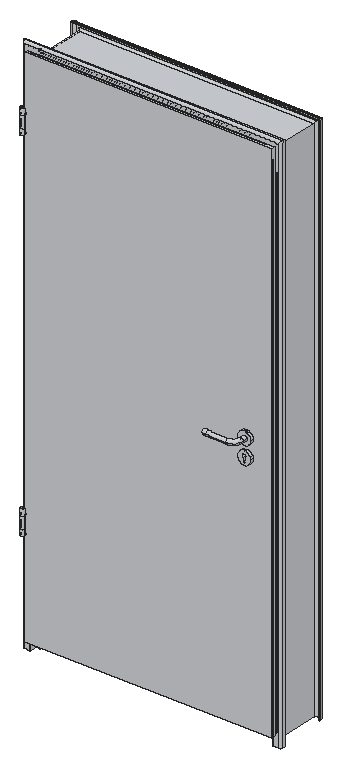
Revit family "BOS-Rundspiegelzarge-1rUud-MW_Familie", category Türen, Revit 2017
Family settings
  Basisbauteil = Wand
  Immer vertikal = Ja
  Beim Laden mit Abzugskörper schneiden = Nein
  Gemeinsam genutzt = Nein
  Raumberechnungspunkt = Ja
Parameters (values of type "1rUud")
  Öffnungswinkel [instance] = if(Öffnungswinkel   Aperture < Öffnungswinkel min., Öffnungswinkel min., if(Öffnungswinkel   Aperture > Öffnungswinkel max., Öffnungswinkel max., Öffnungswinkel   Aperture)) * if(DIN links   DIN Left, 1, -1)  # 0.00°
  Öffnungswinkel min. = 0.00°  # constant formula
  Öffnungswinkel max. = 180.00°  # constant formula
  Öffnungswinkel   Aperture [instance] = 0.00°
  Türblattaufschlag = 13 mm  # constant formula
  Türblattabstand links-rechts = 3.5 mm  # constant formula
  Spiegel vorne min. = 35 mm  # constant formula
  Spiegel vorne max. = 80 mm - Falzaufschlag gesamt  # 65 mm
  Spiegel hinten min. [instance] = 30 mm  # constant formula
  Spiegel hinten max. [instance] = 30 mm + Falzaufschlag gesamt - Falzaufschlag  # 30 mm
  Sickentiefe = 10 mm  # constant formula
  Radius Putzwinkel vorne [instance] = 10 mm  # constant formula
  Radius Putzwinkel hinten [instance] = 10 mm  # constant formula
  Radius Leibung [instance] = 10 mm  # constant formula
  Radius   Radius [instance] = 10 mm  # constant formula
  Radius [instance] = Radius   Radius  # 10 mm
  Radien gleich [instance] = 1 < 2  # yes
  RNH Rohbau_Nennmaß_Höhe   Nominal Wall Opening Height Measurement [instance] = FMH Falzmaß Höhe + Einfügepunkt  # 2130 mm
  RNB Rohbau_Nennmaß_Breite   Nominal Wall Opening Width Measurement [instance] = FMB Falzmaß Breite + (2 * Einfügepunkt)  # 1010 mm
  Putzwinkel min. = 10 mm  # constant formula
  Putzwinkel max. = 28 mm  # constant formula
  Leibungstiefe min. = 27 mm  # constant formula
  GT min. [instance] = MW min. + Putzwinkel vorne + Putzwinkel hinten  # 114 mm
  Drehpunktreferenz horizontal = 500 mm  # constant formula
  Türblattversatz vertikal = if(Gefälzt, -3.5 mm, 15.5 mm)  # -3.5 mm
  Türblattversatz  horizontal = if(Gefälzt, 11.5 mm, 6 mm)  # 11.5 mm
  Türblattabstand 3 = 4.5 mm  # constant formula
  Türblattabstand 2 = 4.5 mm  # constant formula
  Türblattabstand 1 = if(Gefälzt, 1.5 mm, -2 mm)  # 1.5 mm
  Wandstärke   Wall Thickness [instance] = 200 mm
  Stumpf = or([1rUsd], [1rUsFd])  # no
  VX Bänder [instance] = 1 < 2  # yes
  Putzwinkel vorne   Backbend Front [instance] = Radius Putzwinkel vorne + 7 mm  # 17 mm
  Putzwinkel hinten   Backbend Back [instance] = Radius Putzwinkel hinten + 7 mm  # 17 mm
  LDH Lichte Durchgangs Höhe   Clearance Height [instance] = FMH Falzmaß Höhe - Falzaufschlag gesamt  # 2093 mm
  LDB Lichte Durchgangs Breite   Clearance Width [instance] = FMB Falzmaß Breite - (2 * Falzaufschlag gesamt)  # 936 mm
  Gefälzt = or([1rUud], [1rUuFd])  # yes
  URL = "www.BestOfSteel.de/stahlzargen/zargen-fuer-drehfluegeltueren/rundspiegelzargen/"
  Türblattstärke 3 = if(Doppelfalz, Falztiefe 2, 0 mm)  # 0 mm
  Türblattstärke 2 = Türblattstärke - Türblattstärke 1 - Türblattstärke 3  # 25.5 mm
  Türblattstärke 1 = if(Gefälzt, 14.5 mm, 0 mm)  # 14.5 mm
  Türblattstärke = if(Einfachfalz, 40 mm, 65 mm)  # 40 mm
  Typenbild = <Keine Auswahl>
  Spiegel vorne   Architrave Front [instance] = 35 mm
  Spiegel vorne [instance] = if(Spiegel vorne   Architrave Front < Spiegel vorne min., Spiegel vorne min., if(Spiegel vorne   Architrave Front > Spiegel vorne max., Spiegel vorne max., Spiegel vorne   Architrave Front))  # 35 mm
  Spiegel hinten   Architrave Back [instance] = 30 mm
  Spiegel hinten [instance] = if(Spiegel hinten   Architrave Back < Spiegel hinten min., Spiegel hinten min., if(Spiegel hinten   Architrave Back > Spiegel hinten max., Spiegel hinten max., Spiegel hinten   Architrave Back))  # 30 mm
  Rough Height = 0 mm  # constant formula
  Rough Width = 0 mm  # constant formula
  Rechtliche Hinweise [instance] = "www.BestOfSteel.de/tools-downloads/bim-building-information-modeling/"
  Putzwinkel vorne [instance] = if(Putzwinkel vorne   Backbend Front < Putzwinkel min., Putzwinkel min., if(Putzwinkel vorne   Backbend Front > Putzwinkel max., Putzwinkel max., Putzwinkel vorne   Backbend Front))  # 17 mm
  Putzwinkel hinten [instance] = if(Putzwinkel hinten   Backbend Back < Putzwinkel min., Putzwinkel min., if(Putzwinkel hinten   Backbend Back > Putzwinkel max., Putzwinkel max., Putzwinkel hinten   Backbend Back))  # 17 mm
  MW min. = 80 mm  # constant formula
  MW max. [instance] = GT max. - Putzwinkel vorne - Putzwinkel hinten  # 616 mm
  Information in English = no
  GT max. = 650 mm  # constant formula
  GT Gesamttiefe [instance] = GT Gesamttiefe_Zarge   Total Profile Depth  # 234 mm
  Funktion = Innen
  Falztiefe gesamt = if(Einfachfalz, Falztiefe, Falztiefe + Falztiefe 2)  # 28.5 mm
  Falztiefe 2 = 25 mm  # constant formula
  Falztiefe = Türblattstärke 2 - Türblattabstand 1 + Türblattabstand 2  # 28.5 mm
  Falzaufschlag gesamt = if(Einfachfalz, Falzaufschlag, 2 * Falzaufschlag)  # 15 mm
  FMH min. = 1608 mm  # constant formula
  FMH max. = 2858 mm  # constant formula
  FMH Falzmaß_Höhe   Rebate Height Measurement [instance] = 2108 mm
  FMH Falzmaß Höhe [instance] = if(FMH Falzmaß_Höhe   Rebate Height Measurement < FMH min., FMH min., if(FMH Falzmaß_Höhe   Rebate Height Measurement > FMH max., FMH max., FMH Falzmaß_Höhe   Rebate Height Measurement))  # 2108 mm
  FMB min. = 591 mm  # constant formula
  FMB max. = 1342 mm  # constant formula
  FMB Falzmaß_Breite   Rebate Width Measurement [instance] = 966 mm
  FMB Falzmaß Breite [instance] = if(FMB Falzmaß_Breite   Rebate Width Measurement < FMB min., FMB min., if(FMB Falzmaß_Breite   Rebate Width Measurement > FMB max., FMB max., FMB Falzmaß_Breite   Rebate Width Measurement))  # 966 mm
  Drückerhöhe [instance] = if(Drückerhöhe   Handle Height < 850 mm, 850 mm, if(Drückerhöhe   Handle Height > 1050 mm, 1050 mm, Drückerhöhe   Handle Height))  # 1050 mm
  Drehpunkt Warnung sichtbar = yes
  Drehpunkt Warnung [instance] = and(Drehpunkt Warnung sichtbar, not(Öffnungswinkel = 0.00°))  # no
  Doppelfalz = or([1rUuFd], [1rUsFd])  # no
  Einfachfalz = or([1rUud], [1rUsd])  # yes
  Dichtungsversatz vertikal 2 [instance] = Falztiefe + Sickentiefe - Putzwinkel vorne + Falztiefe 2  # 46.5 mm
  Dichtungsversatz vertikal 1 [instance] = Falztiefe + Sickentiefe - Putzwinkel vorne  # 21.5 mm
  Dichtungsversatz horizontal 2 [instance] = Falzaufschlag  # 15 mm
  Dichtungsversatz horizontal 1 [instance] = 0 mm  # constant formula
  Dichtung 2 = Doppelfalz  # no
  Dichtung 1 = or(Einfachfalz, Doppelfalz)  # yes
  Drehpunktposition vertikal [instance] = (Wandstärke   Wall Thickness / 2) + Putzwinkel vorne + [Drehpunktabstand (SP) vertikal]  # 129.5 mm
  Drehpunktposition horizontal [instance] = Drehpunktreferenz horizontal + Einfügepunkt + if(DIN links   DIN Left, FMB Falzmaß Breite + [Drehpunktabstand (FM) horizontal], -[Drehpunktabstand (FM) horizontal])  # 1509 mm
  Drehpunktabstand (FM) horizontal = if(Gefälzt, 21 mm, 2.5 mm)  # 21 mm
  Drehpunktabstand (SP) vertikal = if(Gefälzt, 12.5 mm, 13.5 mm)  # 12.5 mm
  Bänder - Auswahl [instance] = if(Gefälzt, "3D Bänder gefälzt, Bandaufnahmen BVX11000", "3D Bänder stumpf, Bandaufnahmen BVX11000")  # "3D Bänder gefälzt, Bandaufnahmen BVX11000"
  Blechstärke = 1.5 mm  # constant formula
  BE max. = 100 mm  # constant formula
  BE Bodeneinstand [instance] = if(BE Bodeneinstand   Foundation Bedding < 0 mm, 0 mm, if(BE Bodeneinstand   Foundation Bedding > BE max., BE max., BE Bodeneinstand   Foundation Bedding))  # 30 mm
  1rUsFd = no
  1rUuFd = no
  Modell = "1rUud"
  Material - Zarge = none
  Material - Türblatt = none
  Material - Drückergarnitur = none
  Material - Dichtung = none
  Material - Bänder = none
  Material = "grundiert, feuerverzinktes Feinblech nach DIN EN 10143"
  MW Maulweite   Receiving Opening [instance] = if(Wandstärke   Wall Thickness < MW min., MW min., if(Wandstärke   Wall Thickness > MW max., MW max., Wandstärke   Wall Thickness))  # 200 mm
  Height [instance] = RNH Rohbau_Nennmaß_Höhe   Nominal Wall Opening Height Measurement  # 2130 mm
  Hersteller = "BOS GmbH Best Of Steel, Lütkenfelde 4, D-48282 Emsdetten"
  GT Gesamttiefe_Zarge   Total Profile Depth [instance] = MW Maulweite   Receiving Opening + Putzwinkel vorne + Putzwinkel hinten  # 234 mm
  MW Fehler [instance] = or(Wandstärke   Wall Thickness < MW min., Wandstärke   Wall Thickness > MW max.)  # no
  Einfügepunkt [instance] = 22 mm  # constant formula
  Drückerhöhe   Handle Height [instance] = 1050 mm
  Drückergarnitur [instance] = 1 < 2  # yes
  Dicke = 0 mm  # constant formula
  DIN rechts   DIN Right [instance] = not(DIN links   DIN Left)  # no
  DIN links oder rechts [instance] = if(DIN links   DIN Left, "DIN links", "DIN rechts")  # "DIN links"
  DIN links   DIN Left [instance] = yes
  1rUud = yes
  1rUsd = no
  Width = 0 mm  # constant formula
  Beschreibung = "Rundspiegelzarge als Umfassungsprofil für Mauerwerk, gefälzt"
  Bauelement = "BOS Stahlzarge"
  BOS-Architekten-Beratung = "Tel.: +49 (0) 2572 203-203; E-Mail: architekten@BestOfSteel.de"
  BE Bodeneinstand   Foundation Bedding [instance] = 30 mm
  BBL1 Bandbezugslinie   Hinge Position 1 = 241 mm  # constant formula
  BA Bandabstand   Distance Between Hinges [instance] = if(FMH Falzmaß Höhe < 1546 mm, 935 mm, if(FMH Falzmaß Höhe < 1671 mm, 1060 mm, if(FMH Falzmaß Höhe < 1796 mm, 1185 mm, if(FMH Falzmaß Höhe < 1921 mm, 1310 mm, if(FMH Falzmaß Höhe < 2171 mm, 1435 mm, if(FMH Falzmaß Höhe < 2296 mm, 1685 mm, if(FMH Falzmaß Höhe < 2421 mm, 1810 mm, if(FMH Falzmaß Höhe < 2546 mm, 1935 mm, if(FMH Falzmaß Höhe < 2671 mm, 2060 mm, if(FMH Falzmaß Höhe < 2796 mm, 2185 mm, 2310 mm))))))))))  # 1435 mm
  Falzaufschlag = 15 mm  # constant formula
  Technische Infos rund um die Stahlzarge = "www.BestOfSteel.de/tools-downloads/technische-infos-rund-um-die-stahlzarge/"
  Info-Texte sichtbar = yes
Reference planes
  plane 1 "Wand": y = 0
  plane 2 "Mitte (Links/rechts)": x = 125
  plane 3 "Hinten": y = 100
  plane 4 "Vorne": y = -100
  plane 5 "RNB links": x = -380
  plane 6 "RNB rechts": x = 630
  plane 7 "RNH oben": z = 2130
  plane 8 "BBL1": z = 1867
  plane 9 "Drückerhöhe": z = 1050
  plane 10 "BBL2": z = 432
  plane 11 "BE": z = -30
  plane 12 "FMH oben": z = 2108
  plane 13 "BE max.": z = -100
  plane 14 "FMB links": x = -358
  plane 15 "FMB rechts": x = 608
  plane 16 "Drehpunkt vertikal": y = -129.5
  plane 17 "Drehpunkt horizontal": x = -379
  plane 18 "Drehpunktreferenz horizontal": x = 1130
Forms (mm)
  Sweep 1, solid, material <- "Material - Zarge", visible <- "Einfachfalz", detail levels medium+fine
    path origin (0, -100, 0) x (-1, 0, 0) y (0, 0, 1)
      loop
        line (380, -30) -> (380, 2130) -> (-630, 2130) -> (-630, -30)
    profile "BOS-1rUud-1rUsd_Profil : BOS-1rUud-1rUsd_Profil" origin (-380, -100, 1050) x (1, 0, 0) y (0, 1, 0)
      loop
        line (19.5, -15.5) -> (-3, -15.5)
        arc (-3, -15.5) -> (-9.01, -13.01) -> (-11.5, -7) r 8.5
        line (-11.5, -7) -> (-11.5, 0) -> (-13, 0) -> (-13, -7)
        arc (-13, -7) -> (-10.071, -14.071) -> (-3, -17) r 10
        line (-3, -17) -> (19.5, -17)
        arc (19.5, -17) -> (21.268, -16.268) -> (22, -14.5) r 2.5
        line (22, -14.5) -> (22, 20.5)
        arc (22, 20.5) -> (22.293, 21.207) -> (23, 21.5) r 1
        line (23, 21.5) -> (31, 21.5)
        arc (31, 21.5) -> (32.154, 20.958) -> (32.475, 19.725) r 1.5
        line (32.475, 19.725) -> (31.547, 14.755)
        arc (31.547, 14.755) -> (33.996, 11.512) -> (37, 14.25) r 2.75
        line (37, 14.25) -> (37, 207)
        arc (37, 207) -> (34.071, 214.071) -> (27, 217) r 10
        line (27, 217) -> (17, 217)
        arc (17, 217) -> (9.929, 214.071) -> (7, 207) r 10
        line (7, 207) -> (7, 200) -> (8.5, 200) -> (8.5, 207)
        arc (8.5, 207) -> (10.99, 213.01) -> (17, 215.5) r 8.5
        line (17, 215.5) -> (27, 215.5)
        arc (27, 215.5) -> (33.01, 213.01) -> (35.5, 207) r 8.5
        line (35.5, 207) -> (35.5, 14.25)
        arc (35.5, 14.25) -> (34.135, 13.005) -> (33.021, 14.479) r 1.25
        line (33.021, 14.479) -> (33.949, 19.449)
        arc (33.949, 19.449) -> (33.308, 21.917) -> (31, 23) r 3
        line (31, 23) -> (23, 23)
        arc (23, 23) -> (21.232, 22.268) -> (20.5, 20.5) r 2.5
        line (20.5, 20.5) -> (20.5, -14.5)
        arc (20.5, -14.5) -> (20.207, -15.207) -> (19.5, -15.5) r 1
  Sweep 2, solid, material <- "Material - Dichtung", visible <- "Dichtung 1", detail levels medium+fine
    path origin (0, -100, 0) x (-1, 0, 0) y (0, 0, 1)
      loop
        line (358, 0) -> (358, 2108) -> (-608, 2108) -> (-608, 0)
    profile "BOS-Dichtung_Profil : BOS-Dichtung_Profil" origin (-358, -100, 1054) x (1, 0, 0) y (0, 1, 0)
      loop
        arc (2.601, 20.263) -> (2.248, 20.116) -> (2.102, 19.763) r 0.5
        line (2.102, 19.763) -> (2.102, 15.634)
        arc (2.102, 15.634) -> (2.243, 15.254) -> (2.599, 15.057) r 0.584
        line (2.599, 15.057) -> (7.702, 14.28)
        arc (7.702, 14.28) -> (8.08, 14.392) -> (8.234, 14.754) r 0.462
        line (8.234, 14.754) -> (8.069, 18.992)
        arc (8.069, 18.992) -> (7.918, 19.403) -> (7.556, 19.65) r 0.716
        arc (7.556, 19.65) -> (5.104, 20.16) -> (2.601, 20.263) r 15.257
      loop
        arc (2.671, 13.957) -> (2.274, 13.838) -> (2.102, 13.46) r 0.501
        line (2.102, 13.46) -> (2.102, 10.565)
        arc (2.102, 10.565) -> (2.227, 10.151) -> (2.561, 9.874) r 0.75
        line (2.561, 9.874) -> (9.159, 8)
        arc (9.159, 8) -> (9.738, 7.926) -> (10.314, 8.026) r 1.962
        arc (10.314, 8.026) -> (11.596, 8.754) -> (12.503, 9.916) r 3.79
        arc (12.503, 9.916) -> (12.466, 10.289) -> (12.114, 10.416) r 0.351
        arc (12.114, 10.416) -> (9.731, 10.818) -> (8.301, 12.767) r 3.215
        arc (8.301, 12.767) -> (8.101, 13.097) -> (7.751, 13.259) r 0.66
        line (7.751, 13.259) -> (2.671, 13.957)
      loop
        arc (9.885, 19.692) -> (6.361, 21.049) -> (2.611, 21.5) r 15.273
        arc (2.611, 21.5) -> (1.229, 21.241) -> (0, 20.558) r 4.388
        arc (0, 20.558) -> (-0.126, 20.198) -> (0.203, 20.005) r 0.3
        line (0.203, 20.005) -> (1.052, 20.179) -> (1.052, 15.212) -> (0.253, 14.589)
        arc (0.253, 14.589) -> (0.158, 14.198) -> (0.517, 14.017) r 0.324
        arc (0.517, 14.017) -> (0.888, 13.925) -> (1.052, 13.58) r 0.446
        line (1.052, 13.58) -> (1.052, 10.338) -> (0.255, 9.575)
        arc (0.255, 9.575) -> (0.205, 9.209) -> (0.55, 9.077) r 0.297
        arc (0.55, 9.077) -> (1.217, 9.194) -> (1.892, 9.137) r 2.63
        line (1.892, 9.137) -> (9.198, 7.049)
        arc (9.198, 7.049) -> (9.621, 7.008) -> (10.045, 7.024) r 3.219
        arc (10.045, 7.024) -> (12.714, 8.531) -> (14.033, 11.298) r 5.088
        arc (14.033, 11.298) -> (13.874, 11.708) -> (13.442, 11.788) r 0.451
        line (13.442, 11.788) -> (12.151, 11.352)
        arc (12.151, 11.352) -> (10.406, 11.72) -> (9.336, 13.147) r 2.533
        line (9.336, 13.147) -> (9.088, 18.569)
        arc (9.088, 18.569) -> (9.253, 18.964) -> (9.663, 19.087) r 0.501
        arc (9.663, 19.087) -> (10.021, 19.299) -> (9.885, 19.692) r 0.329
  Sweep 3, solid, material <- "Material - Zarge", visible <- "Doppelfalz", detail levels medium+fine
    path origin (0, -100, 0) x (-1, 0, 0) y (0, 0, 1)
      loop
        line (380, -30) -> (380, 2130) -> (-630, 2130) -> (-630, -30)
    profile "BOS-1rUuFd-1rUsFd_Profil : BOS-1rUuFd-1rUsFd_Profil" origin (-380, -100, 1050) x (1, 0, 0) y (0, 1, 0)
      loop
        line (19.5, -15.5) -> (-3, -15.5)
        arc (-3, -15.5) -> (-9.01, -13.01) -> (-11.5, -7) r 8.5
        line (-11.5, -7) -> (-11.5, 0) -> (-13, 0) -> (-13, -7)
        arc (-13, -7) -> (-10.071, -14.071) -> (-3, -17) r 10
        line (-3, -17) -> (19.5, -17)
        arc (19.5, -17) -> (21.268, -16.268) -> (22, -14.5) r 2.5
        line (22, -14.5) -> (22, 20.5)
        arc (22, 20.5) -> (22.293, 21.207) -> (23, 21.5) r 1
        line (23, 21.5) -> (31, 21.5)
        arc (31, 21.5) -> (32.154, 20.958) -> (32.475, 19.725) r 1.5
        line (32.475, 19.725) -> (31.547, 14.755)
        arc (31.547, 14.755) -> (33.996, 11.512) -> (37, 14.25) r 2.75
        line (37, 14.25) -> (37, 45.5)
        arc (37, 45.5) -> (37.293, 46.207) -> (38, 46.5) r 1
        line (38, 46.5) -> (46, 46.5)
        arc (46, 46.5) -> (47.154, 45.958) -> (47.475, 44.725) r 1.5
        line (47.475, 44.725) -> (46.547, 39.755)
        arc (46.547, 39.755) -> (48.996, 36.512) -> (52, 39.25) r 2.75
        line (52, 39.25) -> (52, 207)
        arc (52, 207) -> (49.071, 214.071) -> (42, 217) r 10
        line (42, 217) -> (32, 217)
        arc (32, 217) -> (24.929, 214.071) -> (22, 207) r 10
        line (22, 207) -> (22, 200) -> (23.5, 200) -> (23.5, 207)
        arc (23.5, 207) -> (25.99, 213.01) -> (32, 215.5) r 8.5
        line (32, 215.5) -> (42, 215.5)
        arc (42, 215.5) -> (48.01, 213.01) -> (50.5, 207) r 8.5
        line (50.5, 207) -> (50.5, 39.25)
        arc (50.5, 39.25) -> (49.135, 38.005) -> (48.021, 39.479) r 1.25
        line (48.021, 39.479) -> (48.949, 44.449)
        arc (48.949, 44.449) -> (48.308, 46.917) -> (46, 48) r 3
        line (46, 48) -> (38, 48)
        arc (38, 48) -> (36.232, 47.268) -> (35.5, 45.5) r 2.5
        line (35.5, 45.5) -> (35.5, 14.25)
        arc (35.5, 14.25) -> (34.135, 13.005) -> (33.021, 14.479) r 1.25
        line (33.021, 14.479) -> (33.949, 19.449)
        arc (33.949, 19.449) -> (33.308, 21.917) -> (31, 23) r 3
        line (31, 23) -> (23, 23)
        arc (23, 23) -> (21.232, 22.268) -> (20.5, 20.5) r 2.5
        line (20.5, 20.5) -> (20.5, -14.5)
        arc (20.5, -14.5) -> (20.207, -15.207) -> (19.5, -15.5) r 1
  Sweep 4, solid, material <- "Material - Dichtung", visible <- "Dichtung 2", detail levels medium+fine
    path origin (0, -100, 0) x (-1, 0, 0) y (0, 0, 1)
      loop
        line (358, 0) -> (358, 2108) -> (-608, 2108) -> (-608, 0)
    profile "BOS-Dichtung_Profil : BOS-Dichtung_Profil" origin (-358, -100, 1054) x (1, 0, 0) y (0, 1, 0)
      loop
        arc (17.601, 45.263) -> (17.248, 45.116) -> (17.102, 44.763) r 0.5
        line (17.102, 44.763) -> (17.102, 40.634)
        arc (17.102, 40.634) -> (17.243, 40.254) -> (17.599, 40.057) r 0.584
        line (17.599, 40.057) -> (22.702, 39.28)
        arc (22.702, 39.28) -> (23.08, 39.392) -> (23.234, 39.754) r 0.462
        line (23.234, 39.754) -> (23.069, 43.992)
        arc (23.069, 43.992) -> (22.918, 44.403) -> (22.556, 44.65) r 0.716
        arc (22.556, 44.65) -> (20.104, 45.16) -> (17.601, 45.263) r 15.257
      loop
        arc (17.671, 38.957) -> (17.274, 38.838) -> (17.102, 38.46) r 0.501
        line (17.102, 38.46) -> (17.102, 35.565)
        arc (17.102, 35.565) -> (17.227, 35.151) -> (17.561, 34.874) r 0.75
        line (17.561, 34.874) -> (24.159, 33)
        arc (24.159, 33) -> (24.738, 32.926) -> (25.314, 33.026) r 1.962
        arc (25.314, 33.026) -> (26.596, 33.754) -> (27.503, 34.916) r 3.79
        arc (27.503, 34.916) -> (27.466, 35.289) -> (27.114, 35.416) r 0.351
        arc (27.114, 35.416) -> (24.731, 35.818) -> (23.301, 37.767) r 3.215
        arc (23.301, 37.767) -> (23.101, 38.097) -> (22.751, 38.259) r 0.66
        line (22.751, 38.259) -> (17.671, 38.957)
      loop
        arc (24.885, 44.692) -> (21.361, 46.049) -> (17.611, 46.5) r 15.273
        arc (17.611, 46.5) -> (16.229, 46.241) -> (15, 45.558) r 4.388
        arc (15, 45.558) -> (14.874, 45.198) -> (15.203, 45.005) r 0.3
        line (15.203, 45.005) -> (16.052, 45.179) -> (16.052, 40.212) -> (15.253, 39.589)
        arc (15.253, 39.589) -> (15.158, 39.198) -> (15.517, 39.017) r 0.324
        arc (15.517, 39.017) -> (15.888, 38.925) -> (16.052, 38.58) r 0.446
        line (16.052, 38.58) -> (16.052, 35.338) -> (15.255, 34.575)
        arc (15.255, 34.575) -> (15.205, 34.209) -> (15.55, 34.077) r 0.297
        arc (15.55, 34.077) -> (16.217, 34.194) -> (16.892, 34.137) r 2.63
        line (16.892, 34.137) -> (24.198, 32.049)
        arc (24.198, 32.049) -> (24.621, 32.008) -> (25.045, 32.024) r 3.219
        arc (25.045, 32.024) -> (27.714, 33.531) -> (29.033, 36.298) r 5.088
        arc (29.033, 36.298) -> (28.874, 36.708) -> (28.442, 36.788) r 0.451
        line (28.442, 36.788) -> (27.151, 36.352)
        arc (27.151, 36.352) -> (25.406, 36.72) -> (24.336, 38.147) r 2.533
        line (24.336, 38.147) -> (24.088, 43.569)
        arc (24.088, 43.569) -> (24.253, 43.964) -> (24.663, 44.087) r 0.501
        arc (24.663, 44.087) -> (25.021, 44.299) -> (24.885, 44.692) r 0.329
  Sweep 5, void
    path origin (0, -100, 0) x (-1, 0, 0) y (0, 0, 1)
      loop
        line (380, 0) -> (380, 2130) -> (-125, 2130)
    profile "BOS-AK-Umfassungszarge-Einfachfalz_Profil : BOS-AK-Umfassungszarge-Einfachfalz_Profil" origin (-380, -100, 1065) x (1, 0, 0) y (0, 1, 0)
      loop
        line (505, 200) -> (35.5, 200) -> (35.5, 23) -> (23, 23)
        arc (23, 23) -> (21.232, 22.268) -> (20.5, 20.5) r 2.5
        line (20.5, 20.5) -> (20.5, 0) -> (505, 0) -> (505, 200)
  Sweep 6, void
    path origin (0, -100, 0) x (-1, 0, 0) y (0, 0, 1)
      loop
        line (-630, 0) -> (-630, 2130) -> (-125, 2130)
    profile "BOS-AK-Umfassungszarge-Einfachfalz_Profil : BOS-AK-Umfassungszarge-Einfachfalz_Profil" origin (630, -100, 1065) x (1, 0, 0) y (0, 1, 0)
      loop
        line (-505, 200) -> (-505, 0) -> (-20.5, 0) -> (-20.5, 20.5)
        arc (-20.5, 20.5) -> (-21.232, 22.268) -> (-23, 23) r 2.5
        line (-23, 23) -> (-35.5, 23) -> (-35.5, 200) -> (-505, 200)
  Sweep 7, void
    path origin (0, -100, 0) x (-1, 0, 0) y (0, 0, 1)
      loop
        line (380, 0) -> (380, 2130) -> (-125, 2130)
    profile "BOS-AK-Umfassungszarge-Doppelfalz_Profil : BOS-AK-Umfassungszarge-Doppelfalz_Profil" origin (-380, -100, 1065) x (1, 0, 0) y (0, 1, 0)
      loop
        line (505, 200) -> (116.5, 200) -> (116.5, 48) -> (104, 48)
        arc (104, 48) -> (102.232, 47.268) -> (101.5, 45.5) r 2.5
        line (101.5, 45.5) -> (101.5, 23) -> (89, 23)
        arc (89, 23) -> (87.232, 22.268) -> (86.5, 20.5) r 2.5
        line (86.5, 20.5) -> (86.5, 0) -> (505, 0) -> (505, 200)
  Sweep 8, void
    path origin (0, -100, 0) x (-1, 0, 0) y (0, 0, 1)
      loop
        line (-630, 0) -> (-630, 2130) -> (-125, 2130)
    profile "BOS-AK-Umfassungszarge-Doppelfalz_Profil : BOS-AK-Umfassungszarge-Doppelfalz_Profil" origin (630, -100, 1065) x (1, 0, 0) y (0, 1, 0)
      loop
        line (-505, 200) -> (-505, 0) -> (-86.5, 0) -> (-86.5, 20.5)
        arc (-86.5, 20.5) -> (-87.232, 22.268) -> (-89, 23) r 2.5
        line (-89, 23) -> (-101.5, 23) -> (-101.5, 45.5)
        arc (-101.5, 45.5) -> (-102.232, 47.268) -> (-104, 48) r 2.5
        line (-104, 48) -> (-116.5, 48) -> (-116.5, 200) -> (-505, 200)
Lines and regions (mm)
  reference lines
    curve 1: line (65, 650, 0) -> (185, 650, 0)
    curve 2: line (-379, -129.5, 0) -> (321, -129.5, 0)
    curve 3: line (65, -350, 0) -> (185, -350, 0)
    curve 4: line (65, -650, 0) -> (185, -650, 0)
    curve 9: line (65, 150, 0) -> (185, 150, 0)
  symbolic lines, style "DoorsHiddenLines", visible <- "DIN links   DIN Left", detail levels coarse
    curve 5: arc (630, -100, 0) -> (334.178, -814.178, 0) -> (-380, -1110, 0) r 1010
  symbolic lines, style "Doors", visible <- "DIN links   DIN Left", detail levels coarse
    curve 6: line (-380, -100, 0) -> (-380, -1110, 0)
  symbolic lines, style "DoorsHiddenLines", visible <- "DIN rechts   DIN Right", detail levels coarse
    curve 7: arc (-380, -100, 0) -> (-84.178, -814.178, 0) -> (630, -1110, 0) r 1010
  symbolic lines, style "Doors", visible <- "DIN rechts   DIN Right", detail levels coarse
    curve 8: line (630, -100, 0) -> (630, -1110, 0)
Text (mm)
  text "Außen     " at (-1696.17, 830.944, 0), in view "Ref.-Ebene"
  text "Außen" at (0, 1409.804, 2854.306), in view "Links"
  text "Placement side" at (0, 499.811, 2980.732), in view "Rechts"
Dimensions and locks
  locked: plane 3 "Hinten" to host wall
  locked: host wall to plane 4 "Vorne" at 0
  equal spacing: plane 5 "RNB links", plane 2 "Mitte (Links/rechts)", plane 6 "RNB rechts"
  "RNB Rohbau_Nennmaß_Breite   Nominal Wall Opening Width Measurement": plane 5 "RNB links" to plane 6 "RNB rechts"
  "Drückerhöhe": level to plane 9 "Drückerhöhe"
  "BE Bodeneinstand": plane 11 "BE" to level
  "Wandstärke   Wall Thickness": host wall to host wall
  "BBL1 Bandbezugslinie   Hinge Position 1": plane 12 "FMH oben" to plane 8 "BBL1"
  "BA Bandabstand   Distance Between Hinges": plane 8 "BBL1" to plane 10 "BBL2"
  "FMH Falzmaß Höhe": plane 12 "FMH oben" to level
  "RNH Rohbau_Nennmaß_Höhe   Nominal Wall Opening Height Measurement": plane 7 "RNH oben" to level
  curve 4 to curve 3 to plane 4 "Vorne" to plane 3 "Hinten" to curve 9 to curve 1 = 300 mm, 250 mm, 200 mm, 50 mm, 500 mm
  "BE max.": level to plane 13 "BE max."
  equal spacing: plane 14 "FMB links", plane 2 "Mitte (Links/rechts)", plane 15 "FMB rechts"
  "FMB Falzmaß Breite": plane 14 "FMB links" to plane 15 "FMB rechts"
  "Drehpunktposition vertikal": host wall to plane 16 "Drehpunkt vertikal"
  "Drehpunktreferenz horizontal": plane 6 "RNB rechts" to plane 18 "Drehpunktreferenz horizontal"
  "Drehpunktposition horizontal": plane 17 "Drehpunkt horizontal" to plane 18 "Drehpunktreferenz horizontal"
  "Öffnungswinkel": angle curve 2 to plane 16 "Drehpunkt vertikal"
  aligned and locked: plane 1 "Wand" to host wall
  aligned and locked: plane 6 "RNB rechts" to nested 1
  aligned and locked: nested 1 to plane 4 "Vorne"
  aligned and locked: plane 9 "Drückerhöhe" to nested 1
  aligned and locked: Sweep 2 sketch curve to plane 14 "FMB links"
  aligned and locked: Sweep 2 sketch curve to plane 12 "FMH oben"
  aligned and locked: Sweep 2 sketch curve to plane 15 "FMB rechts"
  aligned and locked: Sweep 4 sketch curve to plane 15 "FMB rechts"
  aligned and locked: Sweep 4 sketch curve to plane 12 "FMH oben"
  aligned and locked: Sweep 4 sketch curve to plane 14 "FMB links"
  aligned and locked: plane 16 "Drehpunkt vertikal" to curve 2
  aligned and locked: plane 17 "Drehpunkt horizontal" to curve 2
  aligned and locked: curve 2 to nested 2
  aligned and locked: nested 4 to plane 10 "BBL2"
  aligned and locked: plane 8 "BBL1" to nested 3
  aligned and locked: plane 17 "Drehpunkt horizontal" to nested 3
  aligned and locked: plane 17 "Drehpunkt horizontal" to nested 4
  aligned and locked: plane 16 "Drehpunkt vertikal" to nested 3
  aligned and locked: plane 16 "Drehpunkt vertikal" to nested 4
  aligned and locked: curve 1 to nested 8
  aligned and locked: plane 2 "Mitte (Links/rechts)" to nested 8
  aligned and locked: plane 18 "Drehpunktreferenz horizontal" to nested 6
  aligned and locked: plane 1 "Wand" to nested 6
  aligned and locked: nested 7 to plane 2 "Mitte (Links/rechts)"
  aligned and locked: curve 3 to nested 5
  aligned and locked: nested 5 to plane 2 "Mitte (Links/rechts)"
  aligned and locked: Sweep 5 sketch curve to plane 7 "RNH oben"
  aligned and locked: plane 2 "Mitte (Links/rechts)" to Sweep 5 sketch curve
  aligned and locked: plane 5 "RNB links" to Sweep 5 sketch curve
  aligned and locked: level to Sweep 5 sketch curve
  aligned and locked: plane 7 "RNH oben" to Sweep 6 sketch curve
  aligned and locked: plane 2 "Mitte (Links/rechts)" to Sweep 6 sketch curve
  aligned and locked: plane 6 "RNB rechts" to Sweep 6 sketch curve
  aligned and locked: level to Sweep 6 sketch curve
  aligned and locked: Sweep 7 sketch curve to plane 7 "RNH oben"
  aligned and locked: plane 5 "RNB links" to Sweep 7 sketch curve
  aligned and locked: plane 2 "Mitte (Links/rechts)" to Sweep 7 sketch curve
  aligned and locked: level to Sweep 7 sketch curve
  aligned and locked: plane 7 "RNH oben" to Sweep 8 sketch curve
  aligned and locked: plane 2 "Mitte (Links/rechts)" to Sweep 8 sketch curve
  aligned and locked: plane 6 "RNB rechts" to Sweep 8 sketch curve
  aligned and locked: level to Sweep 8 sketch curve
  aligned and locked: nested 9 to plane 4 "Vorne"
  aligned and locked: plane 5 "RNB links" to nested 9
  aligned and locked: plane 4 "Vorne" to nested 10
  aligned and locked: plane 6 "RNB rechts" to nested 10
  aligned and locked: curve 4 to nested 7
  aligned and locked: nested 9 to nested 11
  aligned and locked: nested 9 to nested 12
  aligned and locked: nested 11 to Sweep 1
  aligned and locked: nested 12 to Sweep 3
  aligned and locked: plane 2 "Mitte (Links/rechts)" to nested 13
  aligned and locked: curve 9 to nested 13
Automatic sketch dimensions
  Sweep 1 sketch curve to plane 6 "RNB rechts" = 0 mm
  Sweep 1 sketch curve to plane 5 "RNB links" = 0 mm
  Sweep 1 sketch curve to plane 11 "BE" = 0 mm  (x2)
  Sweep 1 sketch curve to plane 7 "RNH oben" = 0 mm
  Sweep 2 sketch curve to level = 0 mm  (x2)
  Sweep 3 sketch curve to plane 6 "RNB rechts" = 0 mm
  Sweep 3 sketch curve to plane 5 "RNB links" = 0 mm
  Sweep 3 sketch curve to plane 11 "BE" = 0 mm  (x2)
  Sweep 3 sketch curve to plane 7 "RNH oben" = 0 mm
  Sweep 4 sketch curve to level = 0 mm  (x2)
  host wall to curve 7 = 0 mm
  curve 6 to plane 5 "RNB links" = 0 mm
  host wall to curve 8 = 0 mm
  host wall to curve 5 = 0 mm
  curve 5 to plane 6 "RNB rechts" = 0 mm
  host wall to curve 6 = 0 mm
  curve 7 to plane 5 "RNB links" = 0 mm
  curve 8 to plane 6 "RNB rechts" = 0 mm
  curve 4 to plane 2 "Mitte (Links/rechts)" = 60 mm
  curve 9 to plane 2 "Mitte (Links/rechts)" = 60 mm
  curve 3 to plane 2 "Mitte (Links/rechts)" = 60 mm
  curve 1 to plane 2 "Mitte (Links/rechts)" = 60 mm
  plane 2 "Mitte (Links/rechts)" to curve 3 = 60 mm
  plane 2 "Mitte (Links/rechts)" to curve 1 = 60 mm
  plane 2 "Mitte (Links/rechts)" to curve 4 = 60 mm
  plane 2 "Mitte (Links/rechts)" to curve 9 = 60 mm
Nested families
  nested 1: "BOS-BOS_Modell" at (630, -100, 1050), type "BOS-BOS_Modell", not visible
  nested 2: "BOS-Türblatt_Modell" at (125, -126, 0), type "BOS-Türblatt_Modell"
    with Glastürdrücker DIN rechts no, Glastürdrücker DIN links no, Drückergarnitur DIN rechts no, Drückergarnitur DIN links yes
  nested 3: "BOS-Band-VX_Modell" at (-379, -129.5, 1867), visible <- "VX Bänder", type "BOS-Band-VX_Modell", detail levels fine
  nested 4: "BOS-Band-VX_Modell" at (-379, -129.5, 432), visible <- "VX Bänder", type "BOS-Band-VX_Modell", detail levels fine
  nested 5: "BOS-Info-Texte_Beschriftung" at (125, -350.955, 0), visible <- "Drehpunkt Warnung", type "Drehpunkt Warnung"
  nested 6: "BOS-Info-Texte_Beschriftung" at (1130, -0.955, 0), visible <- "MW Fehler", type "Maulweite Fehlermeldung"
  nested 7: "BOS-Info-Texte_Beschriftung" at (125, -650.955, 0), visible <- "Info-Texte sichtbar", type "Rechtliche Hinweise"
  nested 8: "BOS-Info-Texte_Beschriftung" at (125, 649.045, 0), visible <- "Info-Texte sichtbar", type "Technische Hinweise"
  nested 9: "BOS-loser-Propelleranker_Detail" at (-380, -85, 0), type "BOS-loser-Propelleranker_Detail", detail levels fine
    with Einfügepunkt 22 mm, Abbiegung vorne 10 mm
  nested 10: "BOS-loser-Propelleranker_Detail" at (630, -85, 0) x (-1, 0, 0) z (0, 0, 1), type "BOS-loser-Propelleranker_Detail", detail levels fine
    with Einfügepunkt 22 mm, Abbiegung vorne 10 mm
  nested 11: "BOS-Logo_Modell" at (-364.5, 100, 0), visible <- "Einfachfalz", type "BOS-Logo_Modell", detail levels fine
    with Abstand horizontal 4 mm
  nested 12: "BOS-Logo_Modell" at (-349.5, 100, 0), visible <- "Doppelfalz", type "BOS-Logo_Modell", detail levels fine
    with Abstand horizontal 4 mm
  nested 13: "BOS-Info-Texte_Beschriftung" at (125, 149.045, 0), visible <- "Info-Texte sichtbar", type "Rohbaumaß Warnung"
Definition of nested family "BOS-Türblatt_Modell"
  Parameters (values of type "BOS-Türblatt_Modell")
    Default Elevation = 1219.2 mm
    URL = "www.BestOfSteel.de"
    Türblattversatz vertikal = -3.5 mm
    Türblattversatz horizontal = 11.5 mm
    Technische Infos rund um die Stahlzarge = "www.BestOfSteel.de/tools-downloads/technische-infos-rund-um-die-stahlzarge/"
    Türblattaufschlag = 13 mm
    Türblattstärke 3 = 0 mm
    Türblattstärke 2 = 25.5 mm
    Türblattstärke 1 = 14.5 mm
    Türblattstärke = 40 mm
    Türblattabstand oben = 4 mm
    Türblattabstand unten = 7 mm
    Türblattabstand links-rechts = 3.5 mm
    TAH3 Türblatt Außenmaß Höhe 3 = FMH Zargen Falzmaß Höhe - Falzaufschlag - Türblattabstand oben - Türblattabstand unten  # 2082 mm
    TAH2 Türblatt Außenmaß Höhe 2 = FMH Zargen Falzmaß Höhe - Türblattabstand oben - Türblattabstand unten  # 2097 mm
    TAH Türblatt Außenmaß Höhe = FMH Zargen Falzmaß Höhe + if(Gefälzt, Türblattaufschlag, 0 mm) - Türblattabstand oben - Türblattabstand unten  # 2110 mm
    Stumpf = no
    Rechtliche Hinweise = "www.BestOfSteel.de/tools-downloads/bim-building-information-modeling/"
    Material - Türblatt = none
    Material - Drückergarnitur = none
    Glastürtdrücker = no
    Glastürdrücker DIN rechts [instance] = and(Glastürtdrücker, DIN rechts)  # no
    Glastürdrücker DIN links [instance] = and(Glastürtdrücker, DIN links)  # no
    Gefälzt = yes
    FMH Zargen Falzmaß Höhe = 2108 mm
    FMB Zargen Falzmaß Breite = 966 mm
    Einfachfalz = yes
    Drückerhöhe = 1050 mm
    Drückergarnitur = yes
    Drückerabstand = 100 mm
    Drehpunktabstand vertikal = (2 * Türblattstärke) + Türblattversatz vertikal  # 76.5 mm
    Drehpunktabstand horizontal = (TAB Türblatt Außenmass Breite / 2) + if(DIN links, -Türblattversatz horizontal, TAB Türblatt Außenmass Breite + Türblattversatz horizontal)  # 481 mm
    Doppelfalz = no
    Drückergarnitur DIN rechts [instance] = and(Drückergarnitur, DIN rechts)  # no
    Drückergarnitur DIN links [instance] = and(Drückergarnitur, DIN links)  # yes
    DIN rechts = no
    DIN links = yes
    Description = "Holz- oder Glastürblatt, mit Drücker, gefälzt oder stumpf"
    Keynote = "BOS Türblatt"
    TAB3 Türblatt Außenmass Breite Türblatt 3 = FMB Zargen Falzmaß Breite - 2 * (Falzaufschlag + [Türblattabstand links-rechts])  # 929 mm
    TAB Türblatt Außenmass Breite = FMB Zargen Falzmaß Breite + 2 * (if(Gefälzt, Türblattaufschlag, 0 mm) - [Türblattabstand links-rechts])  # 985 mm
    TAB2 Türblatt Außenmass Breite Türblatt 2 = FMB Zargen Falzmaß Breite - 2 * ([Türblattabstand links-rechts])  # 959 mm
    Falzaufschlag = 15 mm
    BOS-Architekten-Beratung = "Tel.: +49 (0) 2572 203-203; E-Mail: architekten@BestOfSteel.de"
  Reference planes
    plane 1: y = -7
    plane 2: z = 0
    plane 3: x = 0
    plane 4: z = 7
    plane 5: z = 2117
    plane 6: x = -492.5
    plane 7: x = 492.5
    plane 8: x = -479.5
    plane 9: x = 479.5
    plane 10: x = 464.5
    plane 11: x = -464.5
    plane 12: y = 7.5
    plane 13: y = 33
    plane 14: y = 33
    plane 15: z = 2104
    plane 16: z = 2089
    plane 17: x = -392.5
    plane 18: x = 392.5
    plane 19: y = 73
    plane 20: z = 1050
    plane 21: x = -502.5
    plane 22: x = 502.5
    plane 23: z = 2127
    plane 24: x = -985
    plane 25: x = -504
    plane 26: y = -3.5
  Forms (mm)
    Extrusion 1, solid, material <- "Material - Türblatt", detail levels medium+fine
      sketch origin (0, 0, 0) x (1, 0, 0) y (0, 1, 0)
        loop
          line (-492.5, 33) -> (-492.5, -7) -> (492.5, -7) -> (492.5, 33) -> (-492.5, 33)
      from 7 to 2117
    Extrusion 2, void
      sketch origin (0, 0, 0) x (1, 0, 0) y (0, 1, 0)
        loop
          line (-502.5, 73) -> (-502.5, 7.5) -> (-479.5, 7.5) -> (-479.5, 33) -> (-464.5, 33) -> (-464.5, 73) -> (-502.5, 73)
        loop
          line (464.5, 73) -> (464.5, 33) -> (479.5, 33) -> (479.5, 7.5) -> (502.5, 7.5) -> (502.5, 73) -> (464.5, 73)
      from 7 to 2117
    Extrusion 3, void
      sketch origin (0, 0, 0) x (0, 1, 0) y (0, 0, 1)
        loop
          line (73, 2127) -> (7.5, 2127) -> (7.5, 2104) -> (33, 2104) -> (33, 2089) -> (73, 2089) -> (73, 2127)
      from -492.5 to 492.5
  Cuts and joins
    Extrusion 2, Extrusion 3 cuts Extrusion 1
  Dimensions and locks
    "Türblattabstand unten": plane 4 to plane 2
    equal spacing: plane 6, plane 3, plane 7
    "TAB Türblatt Außenmass Breite": plane 6 to plane 7
    equal spacing: plane 8, plane 3, plane 9
    "TAB2 Türblatt Außenmass Breite Türblatt 2": plane 8 to plane 9
    equal spacing: plane 11, plane 3, plane 10
    "TAB3 Türblatt Außenmass Breite Türblatt 3": plane 11 to plane 10
    "Türblattstärke 1": plane 1 to plane 12
    "Türblattstärke 2": plane 13 to plane 12
    "Türblattstärke 3": plane 14 to plane 13
    "TAH Türblatt Außenmaß Höhe": plane 5 to plane 4
    "TAH2 Türblatt Außenmaß Höhe 2": plane 15 to plane 4
    "TAH3 Türblatt Außenmaß Höhe 3": plane 16 to plane 4
    "Drückerabstand": plane 6 to plane 17
    "Drückerabstand": plane 18 to plane 7
    "Türblattstärke": plane 19 to plane 14
    "Drückerhöhe": plane 20 to plane 2
    plane 21 to plane 6 = 10 mm
    plane 7 to plane 22 = 10 mm
    plane 23 to plane 5 = 10 mm
    "Drehpunktabstand horizontal": plane 24 to plane 25
    "TAB Türblatt Außenmass Breite": plane 24 to plane 3
    "Drehpunktabstand vertikal": plane 19 to plane 26
    aligned and locked: level to plane 2
    aligned and locked: Extrusion 1 sketch curve to plane 1
    aligned and locked: Extrusion 1 sketch curve to plane 6
    aligned and locked: Extrusion 1 sketch curve to plane 14
    aligned and locked: Extrusion 1 sketch curve to plane 7
    aligned and locked: Extrusion 1 to plane 4
    aligned and locked: plane 5 to Extrusion 1
    aligned and locked: plane 19 to Extrusion 2 sketch curve
    aligned and locked: plane 11 to Extrusion 2 sketch curve
    aligned and locked: plane 13 to Extrusion 2 sketch curve  (x2)
    aligned and locked: plane 8 to Extrusion 2 sketch curve
    aligned and locked: Extrusion 2 sketch curve to plane 12
    aligned and locked: plane 10 to Extrusion 2 sketch curve
    aligned and locked: plane 9 to Extrusion 2 sketch curve
    aligned and locked: plane 12 to Extrusion 2 sketch curve
    aligned and locked: Extrusion 2 sketch curve to plane 19
    aligned and locked: Extrusion 2 to plane 4
    aligned and locked: plane 5 to Extrusion 2
    aligned and locked: Extrusion 3 sketch curve to plane 12
    aligned and locked: plane 19 to Extrusion 3 sketch curve
    aligned and locked: Extrusion 3 sketch curve to plane 16
    aligned and locked: Extrusion 3 sketch curve to plane 15
    aligned and locked: Extrusion 3 sketch curve to plane 13
    aligned and locked: plane 7 to Extrusion 3
    aligned and locked: Extrusion 3 to plane 6
    aligned and locked: plane 22 to Extrusion 2 sketch curve
    aligned and locked: Extrusion 2 sketch curve to plane 21
    aligned and locked: plane 23 to Extrusion 3 sketch curve
    aligned and locked: nested 1 to plane 20
    aligned and locked: plane 20 to nested 3
    aligned and locked: plane 20 to nested 2
    aligned and locked: nested 4 to plane 20
    aligned and locked: nested 1 to plane 17
    aligned and locked: nested 3 to plane 17
    aligned and locked: nested 2 to plane 18
    aligned and locked: nested 4 to plane 18
    aligned and locked: plane 1 to nested 1
    aligned and locked: nested 3 to plane 14
    aligned and locked: plane 14 to nested 4
    aligned and locked: nested 2 to plane 1
  Nested families
    nested 1: "BOS-Drückergarnitur_Modell" at (-392.5, -7, 1050), visible <- "Drückergarnitur DIN rechts", type "BOS-Drückergarnitur_Modell", detail levels fine
    nested 2: "BOS-Drückergarnitur_Modell" at (392.5, -7, 1050) x (-1, 0, 0) z (0, 0, 1), visible <- "Drückergarnitur DIN links", type "BOS-Drückergarnitur_Modell", detail levels fine
    nested 3: "BOS-Drückergarnitur_Modell" at (-392.5, 33, 1050), visible <- "Drückergarnitur DIN rechts", type "BOS-Drückergarnitur_Modell", detail levels fine
    nested 4: "BOS-Drückergarnitur_Modell" at (392.5, 33, 1050) x (-1, 0, 0) z (0, 0, 1), visible <- "Drückergarnitur DIN links", type "BOS-Drückergarnitur_Modell", detail levels fine
  Definition of nested family "BOS-Drückergarnitur_Modell"
    Parameters (values of type "BOS-Drückergarnitur_Modell")
      URL = "www.BestOfSteel.de"
      Rechtliche Hinweise = "www.BestOfSteel.de/tools-downloads/bim-building-information-modeling/"
      Material - Drückergarnitur = none
      Description = "Drücker und Rosette"
      Keynote = "BOS Drückergarnitur"
      BOS-Architekten-Beratung = "Tel.: +49 (0) 2572 203-203; E-Mail: architekten@BestOfSteel.de"
      Technische Infos rund um die Stahlzarge = "www.BestOfSteel.de/tools-downloads/technische-infos-rund-um-die-stahlzarge/"
    Reference planes
      plane 1: y = 0
      plane 2: z = 0
      plane 3: x = 0
    Forms (mm)
      Sweep 1, solid, material <- "Material - Drückergarnitur"
        path origin (0, 0, 0) x (1, 0, 0) y (0, 1, 0)
          loop
            line (0, 0) -> (0, -10)
        profile origin (0, -5, 0) x (1, 0, 0) y (0, 0, 1)
          loop
            circle (0, 0) r 26
      Sweep 2, solid, material <- "Material - Drückergarnitur"
        path origin (0, 0, 0) x (1, 0, 0) y (0, 1, 0)
          loop
            line (0, -10) -> (0, -30.336)
            arc (0, -30.336) -> (8.201, -50.135) -> (28, -58.336) r 28
            line (28, -58.336) -> (108.063, -58.336)
            arc (108.063, -58.336) -> (116.614, -56.829) -> (124.133, -52.487) r 25
        profile origin (0, -20.168, 0) x (1, 0, 0) y (0, 0, 1)
          loop
            circle (0, 0) r 9
      Sweep 3, solid, material <- "Material - Drückergarnitur"
        path origin (0, 0, -70) x (1, 0, 0) y (0, 1, 0)
          loop
            line (0, 0) -> (0, -10)
        profile origin (0, -5, -70) x (1, 0, 0) y (0, 0, 1)
          loop
            circle (0, 0) r 26
          loop
            arc (-4.3, -12.6) -> (0, -16.9) -> (4.3, -12.6) r 4.3
            line (4.3, -12.6) -> (4.3, 0)
            arc (4.3, 0) -> (7.07, 8.305) -> (0, 13.47) r 7.421
            arc (0, 13.47) -> (-7.07, 8.305) -> (-4.3, 0) r 7.421
            line (-4.3, 0) -> (-4.3, -12.6)
    Dimensions and locks
      plane 2 to Sweep 3 = 70 mm
    Automatic sketch dimensions
      Sweep 1 sketch curve to plane 3 = 0 mm
      plane 1 to Sweep 1 sketch curve = 0 mm
      plane 1 to Sweep 1 sketch curve = 10 mm
      level to Sweep 1 sketch curve = 0 mm
      profile plane to Sweep 1 sketch curve = 0 mm
      Sweep 2 sketch curve to plane 3 = 0 mm
      plane 3 to Sweep 2 sketch curve = 28 mm
      plane 1 to Sweep 2 sketch curve = 33.336 mm
      Sweep 2 sketch curve to Sweep 2 sketch curve = 80.063 mm
      plane 1 to Sweep 2 sketch curve = 58.336 mm
      Sweep 2 sketch curve to Sweep 2 sketch curve = 16.07 mm
      plane 1 to Sweep 2 sketch curve = 10 mm
      level to Sweep 2 sketch curve = 0 mm
      profile plane to Sweep 2 sketch curve = 0 mm
      Sweep 3 sketch curve to plane 3 = 0 mm
      plane 1 to Sweep 3 sketch curve = 0 mm
      plane 1 to Sweep 3 sketch curve = 10 mm
      Sweep 3 sketch curve to Sweep 3 sketch curve = 0 mm  (x2)
      Sweep 3 sketch curve to profile plane = 0 mm  (x2)
      profile plane to Sweep 3 sketch curve = 0 mm  (x3)
      Sweep 3 sketch curve to Sweep 3 sketch curve = 4.3 mm
      Sweep 3 sketch curve to Sweep 3 sketch curve = 12.6 mm
      profile plane to Sweep 3 sketch curve = 6.049 mm
      radius of Sweep 1 sketch curve = 26 mm
      radius of Sweep 2 sketch curve = 9 mm
      radius of Sweep 3 sketch curve = 26 mm
Definition of nested family "BOS-Band-VX_Modell"
  Parameters (values of type "BOS-Band-VX_Modell")
    Öffnungswinkel = 0.00°
    URL = "www.BestOfSteel.de"
    Stumpf DIN rechts = and(Stumpf, DIN rechts)  # no
    Stumpf DIN links = and(Stumpf, DIN links)  # no
    Stumpf = no
    Rechtliche Hinweise = "www.BestOfSteel.de/tools-downloads/bim-building-information-modeling/"
    Material - Bänder = none
    Manufacturer = ""
    Gefälzt DIN rechts = and(Gefälzt, DIN rechts)  # no
    Gefälzt DIN links = and(Gefälzt, DIN links)  # yes
    Gefälzt = yes
    Drehwinkel = Öffnungswinkel  # 0.00°
    DIN rechts = no
    DIN links = yes
    Description = "Band VX gefälzt oder stumpf"
    Keynote = "BOS Modell"
    BOS-Architekten-Beratung = "Tel.: +49 (0) 2572 203-203; E-Mail: architekten@BestOfSteel.de"
    Technische Infos rund um die Stahlzarge = "www.BestOfSteel.de/tools-downloads/technische-infos-rund-um-die-stahlzarge/"
  Reference planes
    plane 1: y = 0
    plane 2: z = 0
    plane 3: x = 0
  Forms (mm)
    Sweep 1, solid, material <- "Material - Bänder"
      path origin (-13.92, -27.5, 1200) x (-1, 0, 0) y (0, 0, 1)
        loop
          line (-13.92, -1247.5) -> (-13.92, -1152.5)
      profile origin (0, -27.5, 0) x (1, 0, 0) y (0, 1, 0)
        loop
          circle (0, 27.5) r 6.5
    Extrusion 2, solid, material <- "Material - Bänder", visible <- "Gefälzt DIN links"
      sketch origin (58.575, -26.745, 0) x (1, 0, 0) y (0, 1, 0)
        loop
          line (-48.615, 25.844) -> (-47.575, 37.348) -> (-47.575, 39.245) -> (-51.075, 39.245) -> (-51.075, 37.506) -> (-52.154, 25.574)
          arc (-52.154, 25.574) -> (-64.788, 24.746) -> (-54.041, 31.44) r 6.527
          line (-54.041, 31.44) -> (-51.628, 33.938)
          arc (-51.628, 33.938) -> (-67.946, 23.257) -> (-48.615, 25.844) r 10
      from -23.5 to 23.5
    Extrusion 3, solid, material <- "Material - Bänder", visible <- "Stumpf DIN links"
      sketch origin (26.489, 48.796, 0) x (1, 0, 0) y (0, 1, 0)
        loop
          line (-37.489, -37.345) -> (-36.338, -50.529)
          arc (-36.338, -50.529) -> (-16.979, -51.887) -> (-33.436, -41.602) r 10
          line (-33.436, -41.602) -> (-31.004, -44.128)
          arc (-31.004, -44.128) -> (-23.943, -42.824) -> (-19.982, -48.813) r 6.507
          arc (-19.982, -48.813) -> (-25.866, -55.271) -> (-32.842, -50.01) r 6.486
          line (-32.842, -50.01) -> (-34.035, -37.197) -> (-34.035, -35.296) -> (-37.489, -35.296) -> (-37.489, -37.345)
      from -23.5 to 23.5
    Extrusion 4, solid, material <- "Material - Bänder", visible <- "Gefälzt DIN links"
      sketch origin (0, 0, 0) x (0.5, -0.866025, 0) y (0.866025, 0.5, 0)
        loop
          arc (-3.25, -5.629) -> (-6.279, -1.682) -> (-5.629, 3.25) r 6.5
          line (-5.629, 3.25) -> (0.121, 13.209) -> (-2.91, 14.959) -> (-8.66, 5)
          arc (-8.66, 5) -> (5.664, -8.241) -> (-1.564, 9.877) r 10
          line (-1.564, 9.877) -> (-1.017, 6.42)
          arc (-1.017, 6.42) -> (6.391, -1.185) -> (-3.25, -5.629) r 6.5
      from 24 to 47.5
    Extrusion 5, solid, material <- "Material - Bänder", visible <- "Gefälzt DIN links"
      sketch origin (0, 0, 0) x (0.5, -0.866025, 0) y (0.866025, 0.5, 0)
        loop
          arc (-3.25, -5.629) -> (-6.279, -1.682) -> (-5.629, 3.25) r 6.5
          line (-5.629, 3.25) -> (0.121, 13.209) -> (-2.91, 14.959) -> (-8.66, 5)
          arc (-8.66, 5) -> (5.664, -8.241) -> (-1.564, 9.877) r 10
          line (-1.564, 9.877) -> (-1.017, 6.42)
          arc (-1.017, 6.42) -> (6.391, -1.185) -> (-3.25, -5.629) r 6.5
      from -24 to -47.5
    Extrusion 6, solid, material <- "Material - Bänder", visible <- "Stumpf DIN links"
      sketch origin (0, 0, 0) x (1, 0, 0) y (0, 1, 0)
        loop
          line (4.091, 5.051) -> (6.293, 7.771)
          arc (6.293, 7.771) -> (-9.026, -4.305) -> (10, 0) r 10
          line (10, 0) -> (10, 15.5) -> (6.5, 15.5) -> (6.5, 0)
          arc (6.5, 0) -> (0, -6.5) -> (-6.5, 0) r 6.5
          arc (-6.5, 0) -> (-2.798, 5.867) -> (4.091, 5.051) r 6.5
      from 24 to 47.5
    Extrusion 7, solid, material <- "Material - Bänder", visible <- "Stumpf DIN links"
      sketch origin (0, 0, 0) x (1, 0, 0) y (0, 1, 0)
        loop
          line (4.091, 5.051) -> (6.293, 7.771)
          arc (6.293, 7.771) -> (-9.026, -4.305) -> (10, 0) r 10
          line (10, 0) -> (10, 15.5) -> (6.5, 15.5) -> (6.5, 0)
          arc (6.5, 0) -> (0, -6.5) -> (-6.5, 0) r 6.5
          arc (-6.5, 0) -> (-2.798, 5.867) -> (4.091, 5.051) r 6.5
      from -24 to -47.5
    Extrusion 8, solid, material <- "Material - Bänder", visible <- "Stumpf DIN rechts"
      sketch origin (-26.489, 48.796, 0) x (-1, 0, 0) y (0, -1, 0)
        loop
          line (-37.489, 37.345) -> (-37.489, 35.296) -> (-34.035, 35.296) -> (-34.035, 37.197) -> (-32.842, 50.01)
          arc (-32.842, 50.01) -> (-25.866, 55.271) -> (-19.982, 48.813) r 6.486
          arc (-19.982, 48.813) -> (-23.943, 42.824) -> (-31.004, 44.128) r 6.507
          line (-31.004, 44.128) -> (-33.436, 41.602)
          arc (-33.436, 41.602) -> (-16.979, 51.887) -> (-36.338, 50.529) r 10
          line (-36.338, 50.529) -> (-37.489, 37.345)
      from -23.5 to 23.5
    Extrusion 9, solid, material <- "Material - Bänder", visible <- "Stumpf DIN rechts"
      sketch origin (0, 0, 0) x (-1, 0, 0) y (0, -1, 0)
        loop
          arc (4.091, -5.051) -> (-2.798, -5.867) -> (-6.5, 0) r 6.5
          arc (-6.5, 0) -> (0, 6.5) -> (6.5, 0) r 6.5
          line (6.5, 0) -> (6.5, -15.5) -> (10, -15.5) -> (10, 0)
          arc (10, 0) -> (-9.026, 4.305) -> (6.293, -7.771) r 10
          line (6.293, -7.771) -> (4.091, -5.051)
      from 24 to 47.5
    Extrusion 10, solid, material <- "Material - Bänder", visible <- "Stumpf DIN rechts"
      sketch origin (0, 0, 0) x (-1, 0, 0) y (0, -1, 0)
        loop
          arc (4.091, -5.051) -> (-2.798, -5.867) -> (-6.5, 0) r 6.5
          arc (-6.5, 0) -> (0, 6.5) -> (6.5, 0) r 6.5
          line (6.5, 0) -> (6.5, -15.5) -> (10, -15.5) -> (10, 0)
          arc (10, 0) -> (-9.026, 4.305) -> (6.293, -7.771) r 10
          line (6.293, -7.771) -> (4.091, -5.051)
      from -24 to -47.5
    Extrusion 11, solid, material <- "Material - Bänder", visible <- "Gefälzt DIN rechts"
      sketch origin (-58.575, -26.745, 0) x (-1, 0, 0) y (0, -1, 0)
        loop
          arc (-48.615, -25.844) -> (-67.946, -23.257) -> (-51.628, -33.938) r 10
          line (-51.628, -33.938) -> (-54.041, -31.44)
          arc (-54.041, -31.44) -> (-64.788, -24.746) -> (-52.154, -25.574) r 6.527
          line (-52.154, -25.574) -> (-51.075, -37.506) -> (-51.075, -39.245) -> (-47.575, -39.245) -> (-47.575, -37.348) -> (-48.615, -25.844)
      from -23.5 to 23.5
    Extrusion 12, solid, material <- "Material - Bänder", visible <- "Gefälzt DIN rechts"
      sketch origin (0, 0, 0) x (-0.5, -0.866025, 0) y (0.866025, -0.5, 0)
        loop
          arc (-3.25, 5.629) -> (6.391, 1.185) -> (-1.017, -6.42) r 6.5
          line (-1.017, -6.42) -> (-1.564, -9.877)
          arc (-1.564, -9.877) -> (5.664, 8.241) -> (-8.66, -5) r 10
          line (-8.66, -5) -> (-2.91, -14.959) -> (0.121, -13.209) -> (-5.629, -3.25)
          arc (-5.629, -3.25) -> (-6.279, 1.682) -> (-3.25, 5.629) r 6.5
      from 24 to 47.5
    Extrusion 13, solid, material <- "Material - Bänder", visible <- "Gefälzt DIN rechts"
      sketch origin (0, 0, 0) x (-0.5, -0.866025, 0) y (0.866025, -0.5, 0)
        loop
          arc (-3.25, 5.629) -> (6.391, 1.185) -> (-1.017, -6.42) r 6.5
          line (-1.017, -6.42) -> (-1.564, -9.877)
          arc (-1.564, -9.877) -> (5.664, 8.241) -> (-8.66, -5) r 10
          line (-8.66, -5) -> (-2.91, -14.959) -> (0.121, -13.209) -> (-5.629, -3.25)
          arc (-5.629, -3.25) -> (-6.279, 1.682) -> (-3.25, 5.629) r 6.5
      from -24 to -47.5
  Lines and regions (mm)
    reference lines
      curve 1: line (0, 0, 0) -> (110, 0, 0)
  Dimensions and locks
    "Drehwinkel": angle curve 1 to plane 1
    aligned and locked: level to plane 2
    aligned and locked: plane 3 to curve 1
    aligned and locked: plane 1 to curve 1
  Automatic sketch dimensions
    Sweep 1 sketch curve to plane 3 = 0 mm
    Sweep 1 sketch curve to level = 47.5 mm
    level to Sweep 1 sketch curve = 47.5 mm
    Sweep 1 sketch curve to profile plane = 0 mm
    profile plane to Sweep 1 sketch curve = 27.5 mm
    Extrusion 2 sketch curve to Extrusion 2 sketch curve = 0 mm  (x3)
    plane 1 to Extrusion 2 sketch curve = 0 mm
    plane 3 to Extrusion 2 sketch curve = 0 mm
    plane 1 to Extrusion 2 sketch curve = 1.171 mm
    Extrusion 2 sketch curve to Extrusion 2 sketch curve = 6.421 mm
    Extrusion 2 sketch curve to plane 1 = 7.193 mm
    Extrusion 2 sketch curve to Extrusion 2 sketch curve = 0.526 mm
    Extrusion 2 sketch curve to Extrusion 2 sketch curve = 0.553 mm
    plane 1 to Extrusion 2 sketch curve = 0.901 mm
    Extrusion 2 sketch curve to plane 1 = 10.603 mm
    Extrusion 2 sketch curve to Extrusion 2 sketch curve = 3.5 mm
    Extrusion 2 sketch curve to Extrusion 2 sketch curve = 0.158 mm
    Extrusion 2 sketch curve to Extrusion 2 sketch curve = 1.739 mm
    Extrusion 2 sketch curve to plane 1 = 4.695 mm
    Extrusion 3 sketch curve to plane 1 = 0 mm
    Extrusion 3 sketch curve to plane 1 = 11.45 mm
    Extrusion 3 sketch curve to plane 3 = 11 mm
    plane 1 to Extrusion 3 sketch curve = 1.733 mm
    Extrusion 3 sketch curve to Extrusion 3 sketch curve = 1.151 mm
    Extrusion 3 sketch curve to Extrusion 3 sketch curve = 3.454 mm
    Extrusion 3 sketch curve to plane 1 = 7.193 mm
    Extrusion 3 sketch curve to Extrusion 3 sketch curve = 0.599 mm
    plane 1 to Extrusion 3 sketch curve = 1.214 mm
    Extrusion 3 sketch curve to Extrusion 3 sketch curve = 3.496 mm
    Extrusion 3 sketch curve to plane 1 = 4.667 mm
    Extrusion 3 sketch curve to Extrusion 3 sketch curve = 2.431 mm
    Extrusion 3 sketch curve to Extrusion 3 sketch curve = 0.001 mm
    Extrusion 3 sketch curve to Extrusion 3 sketch curve = 0.021 mm
    plane 1 to Extrusion 3 sketch curve = 0.017 mm
    Extrusion 3 sketch curve to Extrusion 3 sketch curve = 0.149 mm
    Extrusion 3 sketch curve to Extrusion 3 sketch curve = 2.05 mm
    Extrusion 4 sketch curve to Extrusion 4 sketch curve = 0 mm  (x6)
    curve 1 to Extrusion 4 sketch curve = 0 mm  (x2)
    Extrusion 4 sketch curve to curve 1 = 63.66 mm
    Extrusion 4 sketch curve to Extrusion 4 sketch curve = 3.031 mm
    Extrusion 4 sketch curve to curve 1 = 57.91 mm
    Extrusion 4 sketch curve to curve 1 = 56.564 mm
    Extrusion 4 sketch curve to Extrusion 4 sketch curve = 0.548 mm
    Extrusion 4 sketch curve to Extrusion 4 sketch curve = 1.017 mm
    Extrusion 4 sketch curve to curve 1 = 54.879 mm
    Extrusion 4 sketch curve to Extrusion 4 sketch curve = 3.25 mm
    Extrusion 4 sketch curve to Extrusion 4 sketch curve = 1.75 mm
    Extrusion 5 sketch curve to Extrusion 5 sketch curve = 0 mm  (x6)
    curve 1 to Extrusion 5 sketch curve = 0 mm  (x2)
    Extrusion 5 sketch curve to curve 1 = 63.66 mm
    Extrusion 5 sketch curve to Extrusion 5 sketch curve = 3.031 mm
    Extrusion 5 sketch curve to curve 1 = 57.91 mm
    Extrusion 5 sketch curve to curve 1 = 56.564 mm
    Extrusion 5 sketch curve to Extrusion 5 sketch curve = 0.548 mm
    Extrusion 5 sketch curve to Extrusion 5 sketch curve = 1.017 mm
    Extrusion 5 sketch curve to curve 1 = 54.879 mm
    Extrusion 5 sketch curve to Extrusion 5 sketch curve = 3.25 mm
    Extrusion 5 sketch curve to Extrusion 5 sketch curve = 1.75 mm
    Extrusion 6 sketch curve to Extrusion 6 sketch curve = 0 mm  (x6)
    Extrusion 6 sketch curve to curve 1 = 0 mm  (x2)
    Extrusion 6 sketch curve to curve 1 = 5.051 mm
    Extrusion 6 sketch curve to Extrusion 6 sketch curve = 4.091 mm
    Extrusion 6 sketch curve to curve 1 = 7.771 mm
    Extrusion 6 sketch curve to Extrusion 6 sketch curve = 2.203 mm
    Extrusion 6 sketch curve to Extrusion 6 sketch curve = 7.729 mm
    Extrusion 7 sketch curve to Extrusion 7 sketch curve = 0 mm  (x6)
    Extrusion 7 sketch curve to curve 1 = 0 mm  (x2)
    Extrusion 7 sketch curve to curve 1 = 5.051 mm
    Extrusion 7 sketch curve to Extrusion 7 sketch curve = 4.091 mm
    Extrusion 7 sketch curve to curve 1 = 7.771 mm
    Extrusion 7 sketch curve to Extrusion 7 sketch curve = 2.203 mm
    Extrusion 7 sketch curve to Extrusion 7 sketch curve = 7.729 mm
    Extrusion 8 sketch curve to plane 1 = 0 mm
    plane 1 to Extrusion 8 sketch curve = 11.45 mm
    Extrusion 8 sketch curve to plane 3 = 11 mm
    Extrusion 8 sketch curve to plane 1 = 1.733 mm
    Extrusion 8 sketch curve to Extrusion 8 sketch curve = 1.151 mm
    Extrusion 8 sketch curve to Extrusion 8 sketch curve = 3.454 mm
    plane 1 to Extrusion 8 sketch curve = 7.193 mm
    Extrusion 8 sketch curve to Extrusion 8 sketch curve = 0.599 mm
